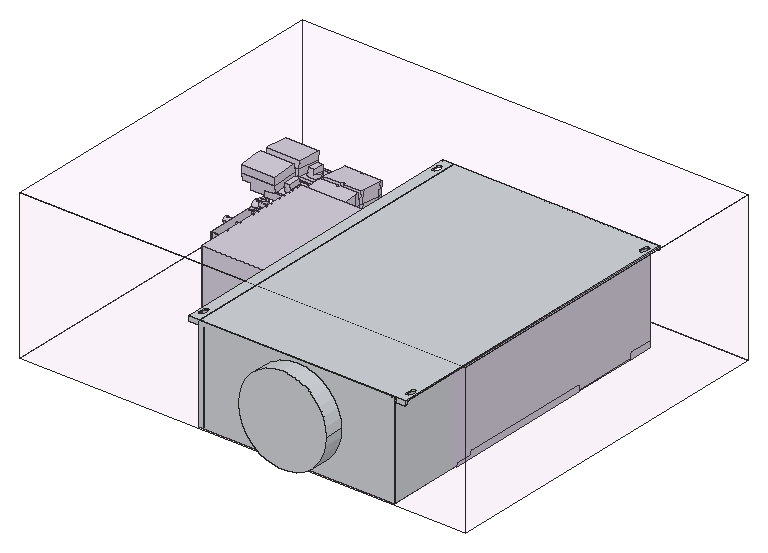
Revit family "04 - MAT270 - 250 DIS - Belimo ePIV Valves (With Bypass)", category Mechanical Equipment, host Ceiling, Revit 2018
Family settings
  Host = Ceiling
  Round Connector Dimension = Use Diameter
  Part Type = Normal
  OmniClass Number = 23.75.00.00
  OmniClass Title = Climate Control (HVAC)
  Always vertical = Yes
  Cut with Voids When Loaded = No
  Shared = No
  Room Calculation Point = No
Parameters (values of type "MAT270 - Size 100 LH")
  ∆P Htg Coil = 0.0 Pa
  ∆P Cooling Coil = 0.0 Pa
  Winter off Coil Temp. = 0 °C
  Winter Room Temp. = 0 °C
  Winter On Coil Temp. = 0 °C
  Winter Fresh Air Temp. = 0 °C
  URL = "http://www.abilityprojects.com/sites/www.abilityprojects.co.uk/files/EVO%20Brochure%20270235%20Jan%202013%20Ed4%20selection%20pages%20removed%20reduced_0.pdf"
  Temperature Controller = no
  Summer off Coil Temp. = 0 °C
  Summer Room Temp. = 0 °C
  Summer On Coil Temp. = 0 °C
  Summer Fresh Air Temp. = 0 °C
  Starting Method = "Soft Start"
  Discharge Spigot B In Use [instance] = no
  Intake Width = FCU Width - 86.00 mm  # 530.00 mm
  Intake Height = FCU Depth - 30.00 mm  # 240.00 mm
  Discharge Spigot A In Use [instance] = no
  Speed Selection Controller = no
  Specific Fan Power = 0
  Sound Transmission (NR) = 0
  Shipping Weight = 0.00 kg
  Room Air Temperature Sensor = no
  Right Side Clearance = if(RH Components Visible, Con Pan Length + 30.00 mm + Access Clearance Right, 10.00 mm)  # 10.00 mm
  Return Air Temperature Sensor = no
  RH Components Visible = no
  Product Model Number (Code) [instance] = ""
  Primary Filter = "G3"
  Pipe Connection Type = "Screw"
  Overall Width = FCU Width + Con Pan Length + 30.00 mm  # 1102.00 mm
  Overall Length = FCU Length  # 900.00 mm
  Overall Height = FCU Depth  # 270.00 mm
  Outlet Connection Width = 0.00 mm
  Outlet Connection Shape = "Circular"  # constant formula
  Outlet Connection Dia/Height = 250.00 mm  # constant formula
  Operating Weight = 0.00 kg
  No of Outlet Connections = 1
  Motor Type = "EC"
  Motor Enclosure Rating = "IP42"
  Model = "MAT270"  # constant formula
  Max Ext Press. = 0.0 Pa
  Mat Thickness Pos = 1.20 mm
  Mat Thickness Neg = -1 * Mat Thickness Pos  # -1.20 mm
  Manufacturer = "Ability Projects"
  Low Voltage Transformer = no
  Left Side Clearance = if(LH Components Visible, Con Pan Length + 30.00 mm + Access Clearance Left, 10.00 mm)  # 636.00 mm
  LTHW Coil Flow = 0.0 L/s
  LTHW Coil Connection Size = 15.00 mm
  LPHW Return Temp. = 0 °C
  LPHW Flow Temperature = 0 °C
  LH Components Visible = yes
  Internet Address = "http://www.abilityprojects.com"
  Inlet Plenum = no
  Inlet Connection Width = 0.00 mm
  Inlet Connection Shape = "N/A"
  Inlet Connection Dia/Height = 0.00 mm
  Incoming Supply Phase = 1
  Incoming Supply Electrical Voltage = 230 V
  Incoming Supply Electrical Frequency = 50 Hz
  Heating Coil Duty Range = 0 W
  Heating Coil Configuration [instance] = "LTHW"
  Heating Coil [instance] = yes
  Handing = "LH"
  Fan Type = "Double Inlet Centrifugal"
  FCU Width = 616.00 mm
  FCU Length = 900.00 mm
  FCU Drop [instance] = 150.00 mm
  FCU Depth = 270.00 mm
  Enclosure Height (Model) = Electrical Enclosure Height - Mat Thickness Pos  # 208.80 mm
  Enclosure Depth (Model) = Electrical Enclosure Depth - Mat Thickness Pos  # 213.80 mm
  Electrical Supply Current (Max) = 0 A
  Electrical Power Consumption = 0 W
  Electrical Enclosure Width = 350.00 mm
  Electrical Enclosure Height = 210.00 mm
  Electrical Enclosure Depth = 215.00 mm
  Earth Connector = yes
  Drain Cut Size = Drain Connection Size - 2.00 mm  # 13.00 mm
  Drain Connection Size = 15.00 mm
  Description = "Ceiling Mounted 270mm Deep Horizontal Fan Coil Unit"  # constant formula
  DS_B [instance] = if(S_No > 1, Discharge Spigot B In Use, if(and(S_No = 1, not(Discharge Spigot A In Use)), Discharge Spigot B In Use, 1 = 0))  # no
  DS_A [instance] = if(S_No > 1, Discharge Spigot A In Use, if(and(S_No = 1, not(Discharge Spigot B In Use)), Discharge Spigot A In Use, 1 = 0))  # no
  DS_5 [instance] = if(S_No < 5, 1 = 0, if(and(S_No = 5, DS_B), 1 = 0, 1 = 1))  # no
  DS_4 [instance] = if(S_No < 4, 1 = 0, if(and(S_No = 4, DS_B), 1 = 0, 1 = 1))  # no
  DS_3 [instance] = if(S_No < 3, 1 = 0, if(and(S_No = 3, DS_B), 1 = 0, 1 = 1))  # no
  DS_2 [instance] = if(S_No < 2, 1 = 0, if(and(S_No = 2, DS_B), 1 = 0, 1 = 1))  # no
  DS_1 [instance] = if(or(S_No < 1, DS_A), 1 = 0, if(and(S_No = 1, DS_B), 1 = 0, 1 = 1))  # yes
  Cooling Coil Duty (Total) = 0 W
  Cooling Coil Duty (Sensible) = 0 W
  Cooling Coil [instance] = yes
  Controls Connection = no
  Control Valves & Actuators = no
  Configuration = "Horizontal"
  Condensate Tray = yes
  Condensate Lift Pump [instance] = no
  Condensate Drain Max Flow = 0.0 L/s
  Condensate Drain Connection Size = Drain Connection Size  # 15.00 mm
  Con Pan Length = 156.00 mm + Con Pan Extension  # 456.00 mm
  Con Pan Extension = 300.00 mm  # constant formula
  Circular Spigot Spacing = round(((FCU Width - 60.00 mm) / S_No) / 5.00 mm) * 5.00 mm  # 555.00 mm
  Circular Spigot Position = if(S_No < 2, (FCU Width / 2), (FCU Width - (Circular Spigot Spacing * (S_No - 1))) / 2)  # 308.00 mm
  S_No = No of Outlet Connections  # 1
  Ch.W Coil Flow = 0.0 L/s
  Ch.W Coil Connection Size = 15.00 mm
  CHW Return Temp. = 0 °C
  CHW Flow Temp. = 0 °C
  BMS Addressable Controller = no
  Assembly Code = "D3050100"
  Air Flow Rate = 0.0 L/s
  Access Clearance Visible [instance] = yes
  Access Clearance Top = 0.00 mm
  Access Clearance Right = 150.00 mm
  Access Clearance Rear = 300.00 mm
  Access Clearance Left = 150.00 mm
  Access Clearance Front = 300.00 mm
  Access Clearance Bottom = 150.00 mm
Reference planes
  plane 1 "Center (Front/Back)": y = 0
  plane 2: z = 0
  plane 3 "Center (Left/Right)": x = 0
  plane 4 "Ceiling": z = 4000
  plane 5 "FCU Front": y = -450
  plane 6 "FCU End": y = 450
  plane 7 "FCU Left Side": x = -308
  plane 8 "FCU Right Side": x = 308
  plane 9 "Back Panel": z = 3850
  plane 10 "Access Panel": z = 3580
  plane 11: z = 3848.8
  plane 12 "Chassis Left": x = -278
  plane 13 "Chassis Right": x = 278
  plane 14 "Coil (Filter Side)": y = 377
  plane 15 "Coil (Fan Side)": y = 200
  plane 16 "Discharge Plenum": y = -240
  plane 17: y = 288.5
  plane 18 "Coil CLG": y = 321.5
  plane 19 "Coil HTG": y = 255.5
  plane 20 "Coil RET": z = 3690
  plane 21 "Coil FLOW": z = 3650
  plane 22: x = -388
  plane 23: x = -764
  plane 24: x = 388
  plane 25: x = 764
  plane 26: z = 3430
  plane 27: x = 0
  plane 28 "Spigot Centre Plan": z = 3715
Forms (mm)
  Extrusion 1, solid
    sketch origin (0, 0, 0) x (1, 0, 0) y (0, 1, 0)
      loop
        line (-308, 450) -> (-308, -448.8) -> (308, -448.8) -> (308, 450) -> (-308, 450)
    from 3848.8 to 3850
  Extrusion 2, solid
    sketch origin (308, -448.8, 0) x (-1, 0, 0) y (0, 0, -1)
      loop
        line (0, -3850) -> (616, -3850) -> (616, -3842)
        arc (616, -3842) -> (614.536, -3838.464) -> (611, -3837) r 5
        line (611, -3837) -> (5, -3837)
        arc (5, -3837) -> (1.464, -3838.464) -> (0, -3842) r 5
        line (0, -3842) -> (0, -3850)
    from 0 to -1.2 <- "Mat Thickness Neg"
  Extrusion 3, solid
    sketch origin (-308, 450, 0) x (1, 0, 0) y (0, 0, -1)
      loop
        line (0, -3850) -> (616, -3850) -> (616, -3842)
        arc (616, -3842) -> (614.536, -3838.464) -> (611, -3837) r 5
        line (611, -3837) -> (5, -3837)
        arc (5, -3837) -> (1.464, -3838.464) -> (0, -3842) r 5
        line (0, -3842) -> (0, -3850)
    from 0 to -1.2 <- "Mat Thickness Neg"
  Extrusion 4, solid
    sketch origin (278, 0, 0) x (0, 1, 0) y (0, 0, 1)
      loop
        line (-447.6, 3848.8) -> (-447.6, 3837) -> (-448.8, 3837) -> (-448.8, 3581.2) -> (450, 3581.2) -> (450, 3837) -> (448.8, 3837) -> (448.8, 3848.8) -> (-447.6, 3848.8)
    from 0 to 1.2 <- "Mat Thickness Pos"
  Extrusion 5, solid
    sketch origin (-278, 0, 0) x (0, 1, 0) y (0, 0, 1)
      loop
        line (-447.6, 3848.8) -> (-447.6, 3837) -> (-448.8, 3837) -> (-448.8, 3581.2) -> (450, 3581.2) -> (450, 3837) -> (448.8, 3837) -> (448.8, 3848.8) -> (-447.6, 3848.8)
    from 0 to -1.2 <- "Mat Thickness Neg"
  Extrusion 6, solid
    sketch origin (278, -447.6, 3848.8) x (0, 1, 0) y (-1, 0, 0)
      loop
        line (896.4, 0) -> (0, 0) -> (0, -25)
        arc (0, -25) -> (1.464, -28.536) -> (5, -30) r 5
        line (5, -30) -> (891.4, -30)
        arc (891.4, -30) -> (894.936, -28.536) -> (896.4, -25) r 5
        line (896.4, -25) -> (896.4, 0)
    from 0 to -1.2 <- "Mat Thickness Neg"
  Extrusion 7, solid
    sketch origin (-278, -447.6, 3848.8) x (0, 1, 0) y (-1, 0, 0)
      loop
        line (0, 0) -> (896.4, 0) -> (896.4, 25)
        arc (896.4, 25) -> (894.936, 28.536) -> (891.4, 30) r 5
        line (891.4, 30) -> (5, 30)
        arc (5, 30) -> (1.464, 28.536) -> (0, 25) r 5
        line (0, 25) -> (0, 0)
    from 0 to -1.2
  Extrusion 8, solid
    sketch origin (279.2, 0, 0) x (0, 1, 0) y (0, 0, 1)
      loop
        line (-448.8, 3837) -> (-448.8, 3581.2) -> (450, 3581.2) -> (450, 3837) -> (448.8, 3837) -> (448.8, 3582.4) -> (-447.6, 3582.4) -> (-447.6, 3837) -> (-448.8, 3837)
    from 0 to -14
  Extrusion 9, solid
    sketch origin (-279.2, 0, 0) x (0, -1, 0) y (0, 0, 1)
      loop
        line (-450, 3837) -> (-450, 3581.2) -> (448.8, 3581.2) -> (448.8, 3837) -> (447.6, 3837) -> (447.6, 3582.4) -> (-448.8, 3582.4) -> (-448.8, 3837) -> (-450, 3837)
    from 0 to -14
  Extrusion 10, solid
    sketch origin (308, -448.8, 0) x (-1, 0, 0) y (0, 0, -1)
      loop
        arc (581, -3848.8) -> (584.536, -3847.336) -> (586, -3843.8) r 5
        line (586, -3843.8) -> (586, -3581.2) -> (30, -3581.2) -> (30, -3843.8)
        arc (30, -3843.8) -> (31.464, -3847.336) -> (35, -3848.8) r 5
        line (35, -3848.8) -> (581, -3848.8)
    from 0 to 1.2
  Extrusion 11, solid
    sketch origin (278, -448.8, 3581.2) x (0, 1, 0) y (1, 0, 0)
      loop
        line (208.8, -551) -> (208.8, -5)
        arc (208.8, -5) -> (207.336, -1.464) -> (203.8, 0) r 5
        line (203.8, 0) -> (-1.2, 0) -> (-1.2, -556) -> (203.8, -556)
        arc (203.8, -556) -> (207.336, -554.536) -> (208.8, -551) r 5
    from 0 to 1.2
  Extrusion 12, solid
    sketch origin (-273, -240, 3581.2) x (1, 0, 0) y (0, 0, -1)
      loop
        line (537.2, 1.2) -> (8.8, 1.2) -> (8.8, -13.8) -> (537.2, -13.8) -> (537.2, 1.2)
    from 0 to -1.2 <- "Mat Thickness Neg"
  Extrusion 13, solid
    sketch origin (278, -448.8, 3580) x (-1, 0, 0) y (0, 1, 0)
      loop
        line (557.2, 213.8) -> (557.2, 645.8) -> (-1.2, 645.8) -> (-1.2, 213.8) -> (557.2, 213.8)
    from 0 to -1.2
  Extrusion 14, solid
    sketch origin (-279.2, -235, 3580) x (1, 0, 0) y (0, 0, 1)
      loop
        line (15, 0) -> (543.4, 0) -> (543.4, 16) -> (15, 16) -> (15, 0)
    from 0 to 1.2 <- "Mat Thickness Pos"
  Extrusion 15, solid
    sketch origin (264.2, -235, 3596) x (-1, 0, 0) y (0, -1, 0)
      loop
        line (528.4, 0) -> (528.4, 7)
        arc (528.4, 7) -> (526.936, 10.536) -> (523.4, 12) r 5
        line (523.4, 12) -> (5, 12)
        arc (5, 12) -> (1.464, 10.536) -> (0, 7) r 5
        line (0, 7) -> (0, 0) -> (528.4, 0)
    from 0 to 1.2 <- "Mat Thickness Pos"
  Extrusion 16, solid
    sketch origin (279.2, 197, 3580) x (-1, 0, 0) y (0, 0, 1)
      loop
        line (15, 0) -> (543.4, 0) -> (543.4, 35) -> (15, 35) -> (15, 0)
    from 0 to 1.2 <- "Mat Thickness Pos"
  Extrusion 17, solid
    sketch origin (-264.2, 197, 3615) x (1, 0, 0) y (0, 1, 0)
      loop
        line (0, 1.2) -> (0, -7)
        arc (0, -7) -> (1.464, -10.536) -> (5, -12) r 5
        line (5, -12) -> (523.4, -12)
        arc (523.4, -12) -> (526.936, -10.536) -> (528.4, -7) r 5
        line (528.4, -7) -> (528.4, 1.2) -> (0, 1.2)
    from 0 to -1.2 <- "Mat Thickness Neg"
  Extrusion 18, solid
    sketch origin (279.2, -235, 3580) x (0, 1, 0) y (0, 0, 1)
      loop
        line (0, 0) -> (432, 0) -> (432, 13)
        arc (432, 13) -> (430.536, 16.536) -> (427, 18) r 5
        line (427, 18) -> (55, 18)
        arc (55, 18) -> (51.464, 16.536) -> (50, 13) r 5
        line (50, 13) -> (50, 9.5)
        arc (50, 9.5) -> (49.268, 7.732) -> (47.5, 7) r 2.5
        line (47.5, 7) -> (5, 7)
        arc (5, 7) -> (1.464, 5.536) -> (0, 2) r 5
        line (0, 2) -> (0, 0)
    from 0 to 1.2 <- "Mat Thickness Pos"
  Extrusion 19, solid
    sketch origin (-279.2, 197, 3580) x (0, -1, 0) y (0, 0, 1)
      loop
        line (432, 0) -> (432, 2)
        arc (432, 2) -> (430.536, 5.536) -> (427, 7) r 5
        line (427, 7) -> (384.5, 7)
        arc (384.5, 7) -> (382.732, 7.732) -> (382, 9.5) r 2.5
        line (382, 9.5) -> (382, 13)
        arc (382, 13) -> (380.536, 16.536) -> (377, 18) r 5
        line (377, 18) -> (5, 18)
        arc (5, 18) -> (1.464, 16.536) -> (0, 13) r 5
        line (0, 13) -> (0, 0) -> (432, 0)
    from 0 to 1.2 <- "Mat Thickness Pos"
  Extrusion 20, solid
    sketch origin (278, -448.8, 3581.2) x (1, 0, 0) y (0, -1, 0)
      loop
        line (-557.2, -897.6) -> (1.2, -897.6) -> (1.2, -828.8) -> (-557.2, -828.8) -> (-557.2, -897.6)
    from 0 to 1.2
  Extrusion 21, solid
    sketch origin (279.2, 380, 3581.2) x (-1, 0, 0) y (0, 0, -1)
      loop
        line (543.4, 1.2) -> (15, 1.2) -> (15, -33.8) -> (543.4, -33.8) -> (543.4, 1.2)
    from 0 to 1.2 <- "Mat Thickness Pos"
  Extrusion 22, solid
    sketch origin (-279.2, 448.8, 3581.2) x (1, 0, 0) y (0, 0, -1)
      loop
        line (543.4, 1.2) -> (15, 1.2) -> (15, -12.8) -> (543.4, -12.8) -> (543.4, 1.2)
    from 0 to 1.2
  Extrusion 23, solid
    sketch origin (279.2, 448.8, 3581.2) x (0, -1, 0) y (0, 0, -1)
      loop
        line (68.8, -11.8) -> (68.8, 1.2) -> (0, 1.2) -> (0, -11.8)
        arc (0, -11.8) -> (1.464, -15.336) -> (5, -16.8) r 5
        line (5, -16.8) -> (63.8, -16.8)
        arc (63.8, -16.8) -> (67.336, -15.336) -> (68.8, -11.8) r 5
    from 0 to 1.2 <- "Mat Thickness Pos"
  Extrusion 24, solid
    sketch origin (-279.2, 380, 3581.2) x (0, 1, 0) y (0, 0, -1)
      loop
        line (68.8, 1.2) -> (0, 1.2) -> (0, -11.8)
        arc (0, -11.8) -> (1.464, -15.336) -> (5, -16.8) r 5
        line (5, -16.8) -> (63.8, -16.8)
        arc (63.8, -16.8) -> (67.336, -15.336) -> (68.8, -11.8) r 5
        line (68.8, -11.8) -> (68.8, 1.2)
    from 0 to 1.2 <- "Mat Thickness Pos"
  Extrusion 25, solid, visible <- "RH Components Visible"
    sketch origin (0, 200, 0) x (-1, 0, 0) y (0, 0, 1)
      loop
        line (-308, 3847.6) -> (-308, 3605)
        arc (-308, 3605) -> (-306.536, 3601.464) -> (-303, 3600) r 5
        line (-303, 3600) -> (-279.2, 3600) -> (-279.2, 3847.6) -> (-308, 3847.6)
    from 0 to -1.2 <- "Mat Thickness Neg"
  Extrusion 26, solid, visible <- "RH Components Visible"
    sketch origin (0, 377, 0) x (-1, 0, 0) y (0, 0, 1)
      loop
        line (-303, 3600) -> (-279.2, 3600) -> (-279.2, 3847.6) -> (-308, 3847.6) -> (-308, 3605)
        arc (-308, 3605) -> (-306.536, 3601.464) -> (-303, 3600) r 5
    from 0 to 1.2 <- "Mat Thickness Pos"
  Extrusion 27, solid, visible <- "LH Components Visible"
    sketch origin (0, 200, 0) x (-1, 0, 0) y (0, 0, 1)
      loop
        line (279.2, 3847.6) -> (279.2, 3600) -> (303, 3600)
        arc (303, 3600) -> (306.536, 3601.464) -> (308, 3605) r 5
        line (308, 3605) -> (308, 3847.6) -> (279.2, 3847.6)
    from 0 to -1.2
  Extrusion 28, solid, visible <- "LH Components Visible"
    sketch origin (0, 377, 0) x (-1, 0, 0) y (0, 0, 1)
      loop
        line (279.2, 3847.6) -> (279.2, 3600) -> (303, 3600)
        arc (303, 3600) -> (306.536, 3601.464) -> (308, 3605) r 5
        line (308, 3605) -> (308, 3847.6) -> (279.2, 3847.6)
    from 0 to 1.2
  Extrusion 29, solid, visible <- "LH Components Visible"
    sketch origin (-279.2, 0, 0) x (0, -1, 0) y (0, 0, 1)
      loop
        line (-335.5, 3847.6) -> (-335.5, 3615) -> (-241.5, 3615) -> (-241.5, 3847.6) -> (-335.5, 3847.6)
    from 0 to 10
  Extrusion 30, solid, visible <- "LH Components Visible"
    sketch origin (-289.2, 0, 0) x (0, -1, 0) y (0, 0, 1)
      loop
        circle (-321.5, 3650) r 7.5
      loop
        circle (-321.5, 3690) r 7.5
      loop
        circle (-255.5, 3690) r 7.5
      loop
        circle (-255.5, 3650) r 7.5
    from 0 to 35
  Extrusion 31, solid, visible <- "LH Components Visible"
    sketch origin (-324.2, 0, 0) x (0, -1, 0) y (0, 0, 1)
      loop
        line (-241.5, 3641) -> (-241.5, 3699) -> (-246.5, 3704) -> (-330.5, 3704) -> (-335.5, 3699) -> (-335.5, 3641) -> (-330.5, 3636) -> (-246.5, 3636) -> (-241.5, 3641)
    from 0 to -1.2 <- "Mat Thickness Neg"
  Extrusion 32, solid, visible <- "LH Components Visible"
    sketch origin (-324.2, 0, 0) x (0, -1, 0) y (0, 0, 1)
      loop
        circle (-321.5, 3690) r 7.5
      loop
        circle (-321.5, 3690) r 6.5
      loop
        circle (-321.5, 3650) r 7.5
      loop
        circle (-321.5, 3650) r 6.5
      loop
        circle (-255.5, 3650) r 7.5
      loop
        circle (-255.5, 3650) r 6.5
      loop
        circle (-255.5, 3690) r 7.5
      loop
        circle (-255.5, 3690) r 6.5
    from 0 to 63.8
  Extrusion 33, solid, visible <- "LH Components Visible"
    sketch origin (-279.2, 0, 0) x (0, -1, 0) y (0, 0, 1)
      loop
        line (-377, 3618.5) -> (-377, 3592.5) -> (-200, 3592.5) -> (-200, 3618.5) -> (-201.2, 3618.5) -> (-201.2, 3593.7) -> (-375.8, 3593.7) -> (-375.8, 3618.5) -> (-377, 3618.5)
    from 0 to 484.8
  Extrusion 34, solid, visible <- "LH Components Visible"
    sketch origin (-764, 0, 0) x (0, -1, 0) y (0, 0, 1)
      loop
        line (-377, 3592.5) -> (-200, 3592.5) -> (-200, 3618.5) -> (-377, 3618.5) -> (-377, 3592.5)
    from 0 to -1.2
  Extrusion 35, void
    sketch origin (-764, 0, 0) x (0, 1, 0) y (0, 0, 1)
      loop
        circle (288.5, 3600.2) r 6.5
    from 0 to 1.2
  Extrusion 36, solid, visible <- "RH Components Visible"
    sketch origin (279.2, 0, 0) x (0, 1, 0) y (0, 0, 1)
      loop
        line (241.5, 3847.6) -> (241.5, 3615) -> (335.5, 3615) -> (335.5, 3847.6) -> (241.5, 3847.6)
    from 0 to 10
  Extrusion 37, solid, visible <- "RH Components Visible"
    sketch origin (289.2, 0, 0) x (0, 1, 0) y (0, 0, 1)
      loop
        circle (321.5, 3690) r 7.5
      loop
        circle (255.5, 3690) r 7.5
      loop
        circle (321.5, 3650) r 7.5
      loop
        circle (255.5, 3650) r 7.5
    from 0 to 35
  Extrusion 38, solid, visible <- "RH Components Visible"
    sketch origin (324.2, 0, 0) x (0, 1, 0) y (0, 0, 1)
      loop
        line (330.5, 3704) -> (246.5, 3704) -> (241.5, 3699) -> (241.5, 3641) -> (246.5, 3636) -> (330.5, 3636) -> (335.5, 3641) -> (335.5, 3699) -> (330.5, 3704)
    from 0 to -1.2 <- "Mat Thickness Neg"
  Extrusion 39, solid, visible <- "RH Components Visible"
    sketch origin (324.2, 0, 0) x (0, 1, 0) y (0, 0, 1)
      loop
        circle (255.5, 3690) r 7.5
      loop
        circle (255.5, 3690) r 6.5
      loop
        circle (321.5, 3690) r 7.5
      loop
        circle (321.5, 3690) r 6.5
      loop
        circle (255.5, 3650) r 7.5
      loop
        circle (255.5, 3650) r 6.5
      loop
        circle (321.5, 3650) r 7.5
      loop
        circle (321.5, 3650) r 6.5
    from 0 to 63.8
  Extrusion 40, solid, visible <- "RH Components Visible"
    sketch origin (279.2, 0, 0) x (0, 1, 0) y (0, 0, 1)
      loop
        line (200, 3592.5) -> (377, 3592.5) -> (377, 3618.5) -> (375.8, 3618.5) -> (375.8, 3593.7) -> (201.2, 3593.7) -> (201.2, 3618.5) -> (200, 3618.5) -> (200, 3592.5)
    from 0 to 484.8
  Extrusion 41, solid, visible <- "RH Components Visible"
    sketch origin (764, 0, 0) x (0, 1, 0) y (0, 0, 1)
      loop
        line (200, 3592.5) -> (377, 3592.5) -> (377, 3618.5) -> (200, 3618.5) -> (200, 3592.5)
    from 0 to -1.2
  Extrusion 42, void
    sketch origin (764, 0, 0) x (0, -1, 0) y (0, 0, 1)
      loop
        circle (-288.5, 3600.2) r 6.5
    from 0 to 1.2
  Extrusion 43, solid, visible <- "LH Components Visible"
    sketch origin (-764, 0, 0) x (0, -1, 0) y (0, 0, 1)
      loop
        circle (-288.5, 3600.2) r 6.5
      loop
        circle (-288.5, 3600.2) r 7.5
    from 0 to 30
  Extrusion 44, solid, visible <- "RH Components Visible"
    sketch origin (764, 0, 0) x (0, 1, 0) y (0, 0, 1)
      loop
        circle (288.5, 3600.2) r 6.5
      loop
        circle (288.5, 3600.2) r 7.5
    from 0 to 30
  Extrusion 45, solid
    sketch origin (-279.2, 450, 3581.2) x (1, 0, 0) y (0, 0, -1)
      loop
        line (14, -12.8) -> (14, -255.8) -> (544.4, -255.8) -> (544.4, -12.8) -> (14, -12.8)
    from 0 to -1.2
  Extrusion 46, solid, visible <- "RH Components Visible"
    sketch origin (279.2, 0, 0) x (0, 1, 0) y (0, 0, 1)
      loop
        line (-170, 3840) -> (-170, 3631.2) -> (180, 3631.2) -> (180, 3840) -> (-170, 3840)
    from 0 to 213.8 <- "Enclosure Depth (Model)"
  Extrusion 47, solid, visible <- "RH Components Visible"
    sketch origin (493, 0, 0) x (0, 1, 0) y (0, 0, 1)
      loop
        line (-170, 3833.8) -> (-170, 3631.2) -> (180, 3631.2) -> (180, 3833.8)
        arc (180, 3833.8) -> (178.536, 3837.336) -> (175, 3838.8) r 5
        line (175, 3838.8) -> (-165, 3838.8)
        arc (-165, 3838.8) -> (-168.536, 3837.336) -> (-170, 3833.8) r 5
    from 0 to 1.2 <- "Mat Thickness Pos"
  Extrusion 48, solid, visible <- "RH Components Visible"
    sketch origin (493, -170, 3631.2) x (1, 0, 0) y (0, -1, 0)
      loop
        line (1.2, -350) -> (1.2, 0) -> (-153.8, 0)
        arc (-153.8, 0) -> (-157.336, -1.464) -> (-158.8, -5) r 5
        line (-158.8, -5) -> (-158.8, -345)
        arc (-158.8, -345) -> (-157.336, -348.536) -> (-153.8, -350) r 5
        line (-153.8, -350) -> (1.2, -350)
    from 0 to 1.2 <- "Mat Thickness Pos"
  Extrusion 49, solid, visible <- "LH Components Visible"
    sketch origin (-279.2, 0, 0) x (0, -1, 0) y (0, 0, 1)
      loop
        line (170, 3840) -> (-180, 3840) -> (-180, 3631.2) -> (170, 3631.2) -> (170, 3840)
    from 0 to 213.8 <- "Enclosure Depth (Model)"
  Extrusion 50, solid, visible <- "LH Components Visible"
    sketch origin (-493, 0, 0) x (0, -1, 0) y (0, 0, 1)
      loop
        line (165, 3838.8) -> (-175, 3838.8)
        arc (-175, 3838.8) -> (-178.536, 3837.336) -> (-180, 3833.8) r 5
        line (-180, 3833.8) -> (-180, 3631.2) -> (170, 3631.2) -> (170, 3833.8)
        arc (170, 3833.8) -> (168.536, 3837.336) -> (165, 3838.8) r 5
    from 0 to 1.2 <- "Mat Thickness Pos"
  Extrusion 51, solid, visible <- "LH Components Visible"
    sketch origin (-279.2, 180, 3631.2) x (-1, 0, 0) y (0, 1, 0)
      loop
        line (215, 0) -> (60, 0)
        arc (60, 0) -> (56.464, -1.464) -> (55, -5) r 5
        line (55, -5) -> (55, -345)
        arc (55, -345) -> (56.464, -348.536) -> (60, -350) r 5
        line (60, -350) -> (215, -350) -> (215, 0)
    from 0 to 1.2 <- "Mat Thickness Pos"
  Extrusion 52, solid, visible <- "LH Components Visible"
    sketch origin (279.2, 180, 3631.2) x (-1, 0, 0) y (0, 1, 0)
      loop
        line (609.25, -276) -> (577.25, -276) -> (577.25, -290) -> (609.25, -290) -> (609.25, -276)
    from 0 to 2
  Extrusion 53, solid, visible <- "LH Components Visible"
    sketch origin (279.2, 180, 3629.2) x (0, -1, 0) y (-1, 0, 0)
      loop
        line (278.8, 606.25) -> (278.8, 580.25) -> (287.2, 580.25) -> (287.2, 606.25) -> (278.8, 606.25)
    from 0 to 5
  Extrusion 54, void
    sketch origin (-301.05, -107.2, 3629.2) x (1, 0, 0) y (0, 0, -1)
      loop
        line (-6.95, 4) -> (0, 1.5) -> (0, 5) -> (-26, 5) -> (-26, 1) -> (-8.95, 4) -> (-6.95, 4)
    from 0 to 8.4
  Extrusion 55, solid, visible <- "RH Components Visible"
    sketch origin (279.2, 180, 3631.2) x (-1, 0, 0) y (0, 1, 0)
      loop
        line (-18.85, -60) -> (-50.85, -60) -> (-50.85, -74) -> (-18.85, -74) -> (-18.85, -60)
    from 0 to 2
  Extrusion 56, solid, visible <- "RH Components Visible"
    sketch origin (279.2, 180, 3629.2) x (0, -1, 0) y (-1, 0, 0)
      loop
        line (62.8, -21.85) -> (62.8, -47.85) -> (71.2, -47.85) -> (71.2, -21.85) -> (62.8, -21.85)
    from 0 to 5
  Extrusion 57, void
    sketch origin (327.05, 108.8, 3629.2) x (1, 0, 0) y (0, 0, -1)
      loop
        line (-19.05, 4) -> (-17.05, 4) -> (0, 1) -> (0, 5) -> (-26, 5) -> (-26, 1.5) -> (-19.05, 4)
    from 0 to 8.4
  Extrusion 58, void
    sketch origin (-279.2, 180, 3631.2) x (0, 1, 0) y (-1, 0, 0)
      loop
        circle (-319, 43) r 7.95
      loop
        circle (-31, 43) r 7.95
      loop
        circle (-86, 35) r 10.5
      loop
        circle (-134, 35) r 7.95
    from 0 to 1.2 <- "Mat Thickness Pos"
  Extrusion 59, void
    sketch origin (279.2, 180, 3631.2) x (0, 1, 0) y (-1, 0, 0)
      loop
        circle (-319, -43) r 7.95
      loop
        circle (-31, -43) r 7.95
      loop
        circle (-264, -35) r 10.5
      loop
        circle (-216, -35) r 7.95
    from 0 to 1.2 <- "Mat Thickness Pos"
  Extrusion 60, solid
    sketch origin (278, -448.8, 3580) x (0, -1, 0) y (-1, 0, 0)
      loop
        line (-825.8, 557.2) -> (-825.8, -1.2) -> (-648.8, -1.2) -> (-648.8, 557.2) -> (-825.8, 557.2)
    from 0 to -1.2
  Extrusion 61, void
    sketch origin (308, -448.8, 3850) x (0, -1, 0) y (-1, 0, 0)
      loop
        line (-29.3, 21.25) -> (-43.3, 21.25)
        arc (-43.3, 21.25) -> (-50.05, 14.5) -> (-43.3, 7.75) r 6.75
        line (-43.3, 7.75) -> (-29.3, 7.75)
        arc (-29.3, 7.75) -> (-22.55, 14.5) -> (-29.3, 21.25) r 6.75
      loop
        line (-29.3, 608.25) -> (-43.3, 608.25)
        arc (-43.3, 608.25) -> (-50.05, 601.5) -> (-43.3, 594.75) r 6.75
        line (-43.3, 594.75) -> (-29.3, 594.75)
        arc (-29.3, 594.75) -> (-22.55, 601.5) -> (-29.3, 608.25) r 6.75
      loop
        line (-854.3, 21.25) -> (-868.3, 21.25)
        arc (-868.3, 21.25) -> (-875.05, 14.5) -> (-868.3, 7.75) r 6.75
        line (-868.3, 7.75) -> (-854.3, 7.75)
        arc (-854.3, 7.75) -> (-847.55, 14.5) -> (-854.3, 21.25) r 6.75
      loop
        line (-854.3, 608.25) -> (-868.3, 608.25)
        arc (-868.3, 608.25) -> (-875.05, 601.5) -> (-868.3, 594.75) r 6.75
        line (-868.3, 594.75) -> (-854.3, 594.75)
        arc (-854.3, 594.75) -> (-847.55, 601.5) -> (-854.3, 608.25) r 6.75
    from 0 to 2.4
  Extrusion 62, solid, material "Access Zone", visible <- "Access Clearance Visible"
    sketch origin (0, 0, 0) x (1, 0, 0) y (0, 1, 0)
      loop
        line (-944, 750) -> (-944, -250) -> (318, -250) -> (318, 750) -> (-944, 750)
    from 3430 to 3850
Cuts and joins
  Extrusion 61 cuts Extrusion 1
  Extrusion 61 cuts Extrusion 2
  Extrusion 61 cuts Extrusion 3
  joined: Extrusion 1, Extrusion 2, Extrusion 3
  Extrusion 42, Extrusion 61 cuts Extrusion 4
  Extrusion 42, Extrusion 61 cuts Extrusion 6
  Extrusion 42, Extrusion 61 cuts Extrusion 8
  joined: Extrusion 4, Extrusion 6, Extrusion 8
  Extrusion 35, Extrusion 61 cuts Extrusion 5
  Extrusion 35, Extrusion 61 cuts Extrusion 7
  Extrusion 35, Extrusion 61 cuts Extrusion 9
  joined: Extrusion 5, Extrusion 7, Extrusion 9
  joined: Extrusion 10, Extrusion 11, Extrusion 12
  joined: Extrusion 13, Extrusion 14, Extrusion 15, Extrusion 16, Extrusion 17, Extrusion 18, Extrusion 19
  joined: Extrusion 20, Extrusion 21, Extrusion 22, Extrusion 23, Extrusion 24
  joined: Extrusion 30, Extrusion 31, Extrusion 32
  Extrusion 35 cuts Extrusion 33
  Extrusion 35 cuts Extrusion 34
  joined: Extrusion 33, Extrusion 34
  joined: Extrusion 37, Extrusion 38, Extrusion 39
  Extrusion 42 cuts Extrusion 40
  Extrusion 42 cuts Extrusion 41
  joined: Extrusion 40, Extrusion 41
  joined: Extrusion 47, Extrusion 48
  joined: Extrusion 50, Extrusion 51
  Extrusion 54 cuts Extrusion 53
  Extrusion 57 cuts Extrusion 56
  Extrusion 58 cuts Extrusion 49
  Extrusion 59 cuts Extrusion 46
Dimensions and locks
  equal spacing: host sketch curve, plane 3 "Center (Left/Right)", host sketch curve
  equal spacing: host sketch curve, plane 1 "Center (Front/Back)", host sketch curve
  host sketch curve to host sketch curve = 4000.00 mm  (x2)
  plane 4 "Ceiling" to host ceiling = 0.00 mm
  equal spacing: plane 6 "FCU End", plane 1 "Center (Front/Back)", plane 5 "FCU Front"
  "FCU Length": plane 6 "FCU End" to plane 5 "FCU Front"
  equal spacing: plane 7 "FCU Left Side", plane 3 "Center (Left/Right)", plane 8 "FCU Right Side"
  "FCU Width": plane 7 "FCU Left Side" to plane 8 "FCU Right Side"
  "Mat Thickness Pos": Extrusion 1 sketch curve to plane 5 "FCU Front"
  "FCU Drop": plane 4 "Ceiling" to plane 9 "Back Panel"
  "FCU Depth": plane 9 "Back Panel" to plane 10 "Access Panel"
  "Mat Thickness Pos": plane 9 "Back Panel" to plane 11
  locked: Extrusion 1 to Extrusion 2 sketch curve at 13
  locked: plane 7 "FCU Left Side" to plane 12 "Chassis Left" at 30
  locked: plane 13 "Chassis Right" to plane 8 "FCU Right Side" at 30
  locked: Extrusion 4 sketch curve to plane 9 "Back Panel" at 13
  "Mat Thickness Pos": plane 10 "Access Panel" to Extrusion 4 sketch curve
  "Mat Thickness Pos": cut or joined group of Extrusion 4, Extrusion 6, Extrusion 8, Extrusion 42, Extrusion 61 to Extrusion 8 sketch curve
  locked: plane 6 "FCU End" to plane 14 "Coil (Filter Side)" at 73
  locked: plane 14 "Coil (Filter Side)" to plane 15 "Coil (Fan Side)" at 177
  locked: plane 15 "Coil (Fan Side)" to plane 16 "Discharge Plenum" at 440
  locked: cut or joined group of Extrusion 10, Extrusion 11, Extrusion 12 to Extrusion 12 sketch curve at 15
  locked: cut or joined group of Extrusion 5, Extrusion 7, Extrusion 9, Extrusion 35, Extrusion 61 to Extrusion 12 sketch curve at 1
  locked: Extrusion 12 sketch curve to cut or joined group of Extrusion 4, Extrusion 6, Extrusion 8, Extrusion 42, Extrusion 61 at 1
  locked: Extrusion 13 sketch curve to plane 16 "Discharge Plenum" at 5
  locked: plane 15 "Coil (Fan Side)" to Extrusion 13 sketch curve at 3
  locked: Extrusion 14 sketch curve to plane 10 "Access Panel" at 16
  locked: Extrusion 14 to Extrusion 15 sketch curve at 12
  locked: cut or joined group of Extrusion 13, Extrusion 14, Extrusion 15, Extrusion 16, Extrusion 17, Extrusion 18, Extrusion 19 to Extrusion 16 sketch curve at 35
  locked: Extrusion 16 to Extrusion 17 sketch curve at 13.2
  locked: cut or joined group of Extrusion 13, Extrusion 14, Extrusion 15, Extrusion 16, Extrusion 17, Extrusion 18, Extrusion 19 to Extrusion 18 sketch curve at 18
  locked: cut or joined group of Extrusion 13, Extrusion 14, Extrusion 15, Extrusion 16, Extrusion 17, Extrusion 18, Extrusion 19 to Extrusion 18 sketch curve at 50
  locked: cut or joined group of Extrusion 13, Extrusion 14, Extrusion 15, Extrusion 16, Extrusion 17, Extrusion 18, Extrusion 19 to Extrusion 18 sketch curve at 7
  locked: Extrusion 20 sketch curve to plane 14 "Coil (Filter Side)" at 3
  locked: cut or joined group of Extrusion 20, Extrusion 21, Extrusion 22, Extrusion 23, Extrusion 24 to Extrusion 22 sketch curve at 14
  locked: plane 10 "Access Panel" to Extrusion 25 sketch curve at 20
  equal spacing: plane 14 "Coil (Filter Side)", plane 17, plane 15 "Coil (Fan Side)"
  equal spacing: plane 18 "Coil CLG", plane 17, plane 19 "Coil HTG"
  locked: plane 21 "Coil FLOW" to Extrusion 29 sketch curve at 35
  locked: Extrusion 29 sketch curve to Extrusion 29 sketch curve at 94
  equal spacing: Extrusion 29 sketch curve, plane 17, Extrusion 29 sketch curve
  locked: Extrusion 31 sketch curve to plane 21 "Coil FLOW" at 14
  locked: plane 20 "Coil RET" to Extrusion 31 sketch curve at 14
  locked: Extrusion 31 sketch curve to Extrusion 31 sketch curve at 5  (x4)
  locked: Extrusion 29 to Extrusion 31 sketch curve at 5  (x2)
  locked: Extrusion 31 sketch curve to Extrusion 29 at 5  (x2)
  locked: plane 22 to plane 12 "Chassis Left" at 110
  "Con Pan Length": plane 23 to plane 7 "FCU Left Side"
  locked: plane 13 "Chassis Right" to plane 24 at 110
  "Con Pan Length": plane 8 "FCU Right Side" to plane 25
  locked: Extrusion 33 sketch curve to Extrusion 33 sketch curve at 26
  locked: Extrusion 33 sketch curve to Extrusion 29 at 22.5
  locked: Extrusion 33 sketch curve to Extrusion 33 sketch curve at 1.2
  locked: Extrusion 28 to Extrusion 33 sketch curve at 1.2
  locked: Extrusion 33 sketch curve to Extrusion 27 at 1.2
  locked: cut or joined group of Extrusion 33, Extrusion 34, Extrusion 35 to Extrusion 35 sketch curve at 1.2
  locked: Extrusion 46 sketch curve to cut or joined group of Extrusion 1, Extrusion 2, Extrusion 3, Extrusion 61 at 10
  locked: Extrusion 46 sketch curve to Extrusion 25 at 20
  "Electrical Enclosure Width": Extrusion 46 sketch curve to Extrusion 46 sketch curve
  "Enclosure Height (Model)": Extrusion 46 sketch curve to Extrusion 46 sketch curve
  "Mat Thickness Pos": Extrusion 46 to Extrusion 47 sketch curve
  locked: cut or joined group of Extrusion 4, Extrusion 6, Extrusion 8, Extrusion 42, Extrusion 61 to Extrusion 48 sketch curve at 55
  locked: Extrusion 51 sketch curve to cut or joined group of Extrusion 5, Extrusion 7, Extrusion 9, Extrusion 35, Extrusion 61 at 55
  locked: Extrusion 49 to Extrusion 52 sketch curve at 60
  locked: Extrusion 52 sketch curve to Extrusion 52 sketch curve at 14
  locked: Extrusion 52 sketch curve to Extrusion 52 sketch curve at 32
  locked: Extrusion 52 sketch curve to cut or joined group of Extrusion 5, Extrusion 7, Extrusion 9, Extrusion 35, Extrusion 61 at 18.85
  locked: Extrusion 52 to Extrusion 53 sketch curve at 3
  locked: Extrusion 53 sketch curve to Extrusion 52 at 3
  locked: Extrusion 53 sketch curve to Extrusion 52 at 2.8  (x2)
  locked: plane 7 "FCU Left Side" to Extrusion 54 sketch curve at 2
  locked: Extrusion 49 to Extrusion 54 sketch curve at 6
  locked: Extrusion 49 to Extrusion 54 sketch curve at 3.5
  locked: Extrusion 49 to Extrusion 54 sketch curve at 3
  locked: Extrusion 46 to Extrusion 55 sketch curve at 60
  locked: Extrusion 55 sketch curve to Extrusion 55 sketch curve at 14
  locked: cut or joined group of Extrusion 4, Extrusion 6, Extrusion 8, Extrusion 42, Extrusion 61 to Extrusion 55 sketch curve at 18.85
  locked: Extrusion 55 sketch curve to Extrusion 55 sketch curve at 32
  locked: Extrusion 56 sketch curve to Extrusion 55 at 2.8
  locked: Extrusion 55 to Extrusion 56 sketch curve at 2.8
  locked: Extrusion 56 sketch curve to Extrusion 55 at 3
  locked: Extrusion 55 to Extrusion 56 sketch curve at 3
  locked: Extrusion 46 to Extrusion 57 sketch curve at 6
  locked: Extrusion 57 sketch curve to plane 8 "FCU Right Side" at 2
  locked: Extrusion 46 to Extrusion 57 sketch curve at 3.5
  locked: Extrusion 46 to Extrusion 57 sketch curve at 3
  locked: Extrusion 58 sketch curve to cut or joined group of Extrusion 5, Extrusion 7, Extrusion 9, Extrusion 35, Extrusion 61 at 43  (x2)
  locked: Extrusion 49 to Extrusion 58 sketch curve at 31  (x2)
  locked: Extrusion 58 sketch curve to cut or joined group of Extrusion 5, Extrusion 7, Extrusion 9, Extrusion 35, Extrusion 61 at 35  (x2)
  locked: Extrusion 49 to Extrusion 58 sketch curve at 86
  locked: Extrusion 58 sketch curve to Extrusion 58 sketch curve at 48
  locked: Extrusion 46 to Extrusion 59 sketch curve at 31  (x2)
  locked: cut or joined group of Extrusion 4, Extrusion 6, Extrusion 8, Extrusion 42, Extrusion 61 to Extrusion 59 sketch curve at 43  (x2)
  locked: cut or joined group of Extrusion 47, Extrusion 48 to Extrusion 59 sketch curve at 86
  locked: cut or joined group of Extrusion 4, Extrusion 6, Extrusion 8, Extrusion 42, Extrusion 61 to Extrusion 59 sketch curve at 35  (x2)
  locked: Extrusion 59 sketch curve to Extrusion 59 sketch curve at 48
  locked: plane 9 "Back Panel" to plane 20 "Coil RET" at 160
  locked: plane 20 "Coil RET" to plane 21 "Coil FLOW" at 40
  locked: plane 18 "Coil CLG" to plane 19 "Coil HTG" at 66
  locked: Extrusion 61 sketch curve to cut or joined group of Extrusion 1, Extrusion 2, Extrusion 3, Extrusion 61 at 7.75  (x2)
  locked: Extrusion 61 sketch curve to Extrusion 61 sketch curve at 13.5  (x4)
  locked: Extrusion 61 sketch curve to Extrusion 61 sketch curve at 14  (x4)
  locked: Extrusion 61 sketch curve to plane 5 "FCU Front" at 30.5  (x2)
  locked: cut or joined group of Extrusion 1, Extrusion 2, Extrusion 3, Extrusion 61 to Extrusion 61 sketch curve at 7.75  (x2)
  locked: plane 6 "FCU End" to Extrusion 61 sketch curve at 30.5  (x2)
  "Left Side Clearance": Extrusion 62 sketch curve to plane 7 "FCU Left Side"
  "Right Side Clearance": plane 8 "FCU Right Side" to Extrusion 62 sketch curve
  locked: plane 16 "Discharge Plenum" to Extrusion 62 sketch curve at 10
  "Access Clearance Rear": Extrusion 62 sketch curve to plane 6 "FCU End"
  "Access Clearance Bottom": plane 10 "Access Panel" to plane 26
  equal spacing: plane 9 "Back Panel", plane 28 "Spigot Centre Plan", plane 10 "Access Panel"
  locked: plane 5 "FCU Front" to nested 6 at 132
  "Circular Spigot Position": plane 27 to plane 7 "FCU Left Side"
  "Circular Spigot Spacing": nested 2 to nested 1
  "Circular Spigot Spacing": nested 3 to nested 2
  "Circular Spigot Spacing": nested 4 to nested 3
  "Circular Spigot Spacing": nested 5 to nested 4
  "Drain Cut Size": diameter of Extrusion 35 sketch curve
  "Drain Connection Size": diameter of Extrusion 43 sketch curve
  "Drain Connection Size": diameter of Extrusion 44 sketch curve
  aligned and locked: plane 7 "FCU Left Side" to Extrusion 1 sketch curve
  aligned and locked: Extrusion 1 sketch curve to plane 8 "FCU Right Side"
  aligned and locked: Extrusion 1 sketch curve to plane 6 "FCU End"
  aligned and locked: plane 9 "Back Panel" to Extrusion 1
  aligned and locked: Extrusion 1 to plane 11
  aligned and locked: Extrusion 2 sketch curve to Extrusion 1  (x3)
  aligned and locked: Extrusion 2 to Extrusion 1
  aligned and locked: Extrusion 3 sketch curve to cut or joined group of Extrusion 1, Extrusion 2, Extrusion 3, Extrusion 61  (x4)
  aligned and locked: Extrusion 3 to plane 6 "FCU End"
  aligned and locked: Extrusion 4 sketch curve to cut or joined group of Extrusion 1, Extrusion 2, Extrusion 3, Extrusion 61  (x4)
  aligned and locked: Extrusion 4 sketch curve to Extrusion 4 sketch curve  (x2)
  aligned and locked: cut or joined group of Extrusion 1, Extrusion 2, Extrusion 3, Extrusion 61 to Extrusion 4 sketch curve
  aligned and locked: Extrusion 4 to plane 13 "Chassis Right"
  aligned and locked: Extrusion 5 sketch curve to cut or joined group of Extrusion 1, Extrusion 2, Extrusion 3, Extrusion 61  (x3)
  aligned and locked: Extrusion 5 sketch curve to Extrusion 4  (x5)
  aligned and locked: Extrusion 5 to plane 12 "Chassis Left"
  aligned and locked: Extrusion 4 to Extrusion 6 sketch curve
  aligned and locked: cut or joined group of Extrusion 1, Extrusion 2, Extrusion 3, Extrusion 61 to Extrusion 6 sketch curve  (x3)
  aligned and locked: Extrusion 6 to plane 11
  aligned and locked: Extrusion 5 to Extrusion 7 sketch curve
  aligned and locked: cut or joined group of Extrusion 1, Extrusion 2, Extrusion 3, Extrusion 61 to Extrusion 7 sketch curve  (x3)
  aligned and locked: plane 12 "Chassis Left" to Extrusion 7
  aligned and locked: Extrusion 7 to plane 11
  aligned and locked: Extrusion 7 to cut or joined group of Extrusion 4, Extrusion 6, Extrusion 8, Extrusion 42, Extrusion 61
  aligned and locked: Extrusion 8 sketch curve to cut or joined group of Extrusion 4, Extrusion 6, Extrusion 8, Extrusion 42, Extrusion 61  (x5)
  aligned and locked: Extrusion 8 sketch curve to cut or joined group of Extrusion 1, Extrusion 2, Extrusion 3, Extrusion 61  (x2)
  aligned and locked: Extrusion 8 to cut or joined group of Extrusion 4, Extrusion 6, Extrusion 8, Extrusion 42, Extrusion 61
  aligned and locked: Extrusion 9 sketch curve to cut or joined group of Extrusion 5, Extrusion 7, Extrusion 9, Extrusion 35, Extrusion 61  (x5)
  aligned and locked: Extrusion 9 sketch curve to cut or joined group of Extrusion 4, Extrusion 6, Extrusion 8, Extrusion 42, Extrusion 61  (x3)
  aligned and locked: Extrusion 9 to cut or joined group of Extrusion 5, Extrusion 7, Extrusion 9, Extrusion 35, Extrusion 61
  aligned and locked: plane 12 "Chassis Left" to Extrusion 10 sketch curve
  aligned and locked: Extrusion 10 sketch curve to plane 11
  aligned and locked: Extrusion 10 sketch curve to plane 13 "Chassis Right"
  aligned and locked: Extrusion 10 to cut or joined group of Extrusion 1, Extrusion 2, Extrusion 3, Extrusion 61
  aligned and locked: Extrusion 10 to plane 5 "FCU Front"
  aligned and locked: Extrusion 10 sketch curve to cut or joined group of Extrusion 4, Extrusion 6, Extrusion 8, Extrusion 42, Extrusion 61
  aligned and locked: Extrusion 11 sketch curve to plane 13 "Chassis Right"
  aligned and locked: plane 5 "FCU Front" to Extrusion 11 sketch curve
  aligned and locked: plane 12 "Chassis Left" to Extrusion 11 sketch curve
  aligned and locked: Extrusion 11 sketch curve to plane 16 "Discharge Plenum"
  aligned and locked: Extrusion 11 to Extrusion 10
  aligned and locked: Extrusion 11 to plane 10 "Access Panel"
  aligned and locked: Extrusion 12 sketch curve to plane 10 "Access Panel"
  aligned and locked: Extrusion 12 to plane 16 "Discharge Plenum"
  aligned and locked: plane 10 "Access Panel" to Extrusion 13
  aligned and locked: Extrusion 13 to cut or joined group of Extrusion 10, Extrusion 11, Extrusion 12  (x2)
  aligned and locked: Extrusion 14 sketch curve to plane 10 "Access Panel"
  aligned and locked: Extrusion 14 sketch curve to cut or joined group of Extrusion 10, Extrusion 11, Extrusion 12  (x2)
  aligned and locked: Extrusion 14 to Extrusion 13
  aligned and locked: Extrusion 13 to Extrusion 15 sketch curve
  aligned and locked: Extrusion 15 sketch curve to Extrusion 14  (x2)
  aligned and locked: Extrusion 15 to Extrusion 14
  aligned and locked: Extrusion 16 sketch curve to plane 10 "Access Panel"
  aligned and locked: Extrusion 16 sketch curve to cut or joined group of Extrusion 10, Extrusion 11, Extrusion 12  (x2)
  aligned and locked: Extrusion 16 to cut or joined group of Extrusion 13, Extrusion 14, Extrusion 15, Extrusion 16, Extrusion 17, Extrusion 18, Extrusion 19
  aligned and locked: Extrusion 17 sketch curve to Extrusion 16  (x3)
  aligned and locked: Extrusion 16 to Extrusion 17
  aligned and locked: cut or joined group of Extrusion 5, Extrusion 7, Extrusion 9, Extrusion 35, Extrusion 61 to Extrusion 13 sketch curve
  aligned and locked: cut or joined group of Extrusion 4, Extrusion 6, Extrusion 8, Extrusion 42, Extrusion 61 to Extrusion 13 sketch curve
  aligned and locked: cut or joined group of Extrusion 13, Extrusion 14, Extrusion 15, Extrusion 16, Extrusion 17, Extrusion 18, Extrusion 19 to Extrusion 18 sketch curve
  aligned and locked: Extrusion 18 sketch curve to cut or joined group of Extrusion 13, Extrusion 14, Extrusion 15, Extrusion 16, Extrusion 17, Extrusion 18, Extrusion 19  (x2)
  aligned and locked: Extrusion 18 to cut or joined group of Extrusion 4, Extrusion 6, Extrusion 8, Extrusion 42, Extrusion 61
  aligned and locked: Extrusion 19 sketch curve to cut or joined group of Extrusion 13, Extrusion 14, Extrusion 15, Extrusion 16, Extrusion 17, Extrusion 18, Extrusion 19  (x5)
  aligned and locked: plane 10 "Access Panel" to Extrusion 19 sketch curve
  aligned and locked: Extrusion 19 to cut or joined group of Extrusion 5, Extrusion 7, Extrusion 9, Extrusion 35, Extrusion 61
  aligned and locked: Extrusion 20 sketch curve to cut or joined group of Extrusion 5, Extrusion 7, Extrusion 9, Extrusion 35, Extrusion 61
  aligned and locked: Extrusion 20 sketch curve to cut or joined group of Extrusion 4, Extrusion 6, Extrusion 8, Extrusion 42, Extrusion 61
  aligned and locked: cut or joined group of Extrusion 1, Extrusion 2, Extrusion 3, Extrusion 61 to Extrusion 20 sketch curve
  aligned and locked: Extrusion 20 to cut or joined group of Extrusion 10, Extrusion 11, Extrusion 12
  aligned and locked: Extrusion 20 to plane 10 "Access Panel"
  aligned and locked: Extrusion 20 to Extrusion 21 sketch curve
  aligned and locked: Extrusion 21 sketch curve to cut or joined group of Extrusion 13, Extrusion 14, Extrusion 15, Extrusion 16, Extrusion 17, Extrusion 18, Extrusion 19  (x3)
  aligned and locked: Extrusion 21 to Extrusion 20
  aligned and locked: Extrusion 22 sketch curve to plane 10 "Access Panel"
  aligned and locked: cut or joined group of Extrusion 13, Extrusion 14, Extrusion 15, Extrusion 16, Extrusion 17, Extrusion 18, Extrusion 19 to Extrusion 22 sketch curve
  aligned and locked: Extrusion 22 sketch curve to cut or joined group of Extrusion 10, Extrusion 11, Extrusion 12
  aligned and locked: cut or joined group of Extrusion 1, Extrusion 2, Extrusion 3, Extrusion 61 to Extrusion 22
  aligned and locked: plane 6 "FCU End" to Extrusion 22
  aligned and locked: Extrusion 23 sketch curve to cut or joined group of Extrusion 20, Extrusion 21, Extrusion 22, Extrusion 23, Extrusion 24  (x2)
  aligned and locked: cut or joined group of Extrusion 20, Extrusion 21, Extrusion 22, Extrusion 23, Extrusion 24 to Extrusion 23 sketch curve
  aligned and locked: Extrusion 23 sketch curve to cut or joined group of Extrusion 13, Extrusion 14, Extrusion 15, Extrusion 16, Extrusion 17, Extrusion 18, Extrusion 19
  aligned and locked: Extrusion 23 to cut or joined group of Extrusion 4, Extrusion 6, Extrusion 8, Extrusion 42, Extrusion 61
  aligned and locked: cut or joined group of Extrusion 20, Extrusion 21, Extrusion 22, Extrusion 23, Extrusion 24 to Extrusion 24 sketch curve
  aligned and locked: Extrusion 24 sketch curve to cut or joined group of Extrusion 20, Extrusion 21, Extrusion 22, Extrusion 23, Extrusion 24  (x3)
  aligned and locked: Extrusion 24 to cut or joined group of Extrusion 5, Extrusion 7, Extrusion 9, Extrusion 35, Extrusion 61
  aligned and locked: cut or joined group of Extrusion 4, Extrusion 6, Extrusion 8, Extrusion 42, Extrusion 61 to Extrusion 25 sketch curve
  aligned and locked: Extrusion 25 sketch curve to cut or joined group of Extrusion 4, Extrusion 6, Extrusion 8, Extrusion 42, Extrusion 61
  aligned and locked: Extrusion 25 sketch curve to plane 8 "FCU Right Side"
  aligned and locked: Extrusion 25 to plane 15 "Coil (Fan Side)"
  aligned and locked: Extrusion 26 sketch curve to Extrusion 25  (x2)
  aligned and locked: Extrusion 26 sketch curve to cut or joined group of Extrusion 4, Extrusion 6, Extrusion 8, Extrusion 42, Extrusion 61  (x2)
  aligned and locked: Extrusion 26 to plane 14 "Coil (Filter Side)"
  aligned and locked: cut or joined group of Extrusion 5, Extrusion 7, Extrusion 9, Extrusion 35, Extrusion 61 to Extrusion 27 sketch curve
  aligned and locked: Extrusion 27 sketch curve to cut or joined group of Extrusion 5, Extrusion 7, Extrusion 9, Extrusion 35, Extrusion 61
  aligned and locked: plane 7 "FCU Left Side" to Extrusion 27 sketch curve
  aligned and locked: Extrusion 27 sketch curve to Extrusion 26
  aligned and locked: Extrusion 27 to plane 15 "Coil (Fan Side)"
  aligned and locked: Extrusion 27 to Extrusion 25
  aligned and locked: Extrusion 28 sketch curve to cut or joined group of Extrusion 5, Extrusion 7, Extrusion 9, Extrusion 35, Extrusion 61
  aligned and locked: Extrusion 28 sketch curve to Extrusion 27  (x2)
  aligned and locked: cut or joined group of Extrusion 5, Extrusion 7, Extrusion 9, Extrusion 35, Extrusion 61 to Extrusion 28 sketch curve
  aligned and locked: Extrusion 28 to plane 14 "Coil (Filter Side)"
  aligned and locked: Extrusion 28 to Extrusion 26
  aligned and locked: cut or joined group of Extrusion 4, Extrusion 6, Extrusion 8, Extrusion 42, Extrusion 61 to Extrusion 29 sketch curve
  aligned and locked: Extrusion 29 to cut or joined group of Extrusion 5, Extrusion 7, Extrusion 9, Extrusion 35, Extrusion 61
  aligned and locked: Extrusion 30 to Extrusion 29
  aligned and locked: Extrusion 29 to Extrusion 31 sketch curve  (x2)
  aligned and locked: Extrusion 30 to Extrusion 31
  aligned and locked: Extrusion 32 to cut or joined group of Extrusion 30, Extrusion 31, Extrusion 32
  aligned and locked: Extrusion 32 to plane 22
  aligned and locked: Extrusion 33 sketch curve to Extrusion 33 sketch curve
  aligned and locked: Extrusion 33 sketch curve to plane 14 "Coil (Filter Side)"
  aligned and locked: plane 15 "Coil (Fan Side)" to Extrusion 33 sketch curve
  aligned and locked: Extrusion 33 to cut or joined group of Extrusion 5, Extrusion 7, Extrusion 9, Extrusion 35, Extrusion 61
  aligned and locked: plane 23 to Extrusion 33
  aligned and locked: Extrusion 34 sketch curve to Extrusion 33  (x4)
  aligned and locked: Extrusion 34 to plane 23
  aligned and locked: plane 23 to Extrusion 35
  aligned and locked: cut or joined group of Extrusion 33, Extrusion 34, Extrusion 35 to Extrusion 35
  aligned and locked: cut or joined group of Extrusion 5, Extrusion 7, Extrusion 9, Extrusion 35, Extrusion 61 to Extrusion 36 sketch curve
  aligned and locked: Extrusion 36 sketch curve to Extrusion 29  (x3)
  aligned and locked: Extrusion 36 to cut or joined group of Extrusion 4, Extrusion 6, Extrusion 8, Extrusion 42, Extrusion 61
  aligned and locked: Extrusion 37 to Extrusion 36
  aligned and locked: Extrusion 38 sketch curve to cut or joined group of Extrusion 30, Extrusion 31, Extrusion 32  (x8)
  aligned and locked: Extrusion 37 to Extrusion 38
  aligned and locked: Extrusion 39 to cut or joined group of Extrusion 37, Extrusion 38, Extrusion 39
  aligned and locked: Extrusion 39 to plane 24
  aligned and locked: Extrusion 40 sketch curve to cut or joined group of Extrusion 33, Extrusion 34, Extrusion 35  (x7)
  aligned and locked: Extrusion 40 to cut or joined group of Extrusion 4, Extrusion 6, Extrusion 8, Extrusion 42, Extrusion 61
  aligned and locked: Extrusion 40 to plane 25
  aligned and locked: Extrusion 41 sketch curve to Extrusion 40  (x3)
  aligned and locked: Extrusion 41 sketch curve to cut or joined group of Extrusion 33, Extrusion 34, Extrusion 35
  aligned and locked: plane 25 to Extrusion 41
  aligned and locked: Extrusion 42 sketch curve to cut or joined group of Extrusion 33, Extrusion 34, Extrusion 35  (x2)
  aligned and locked: Extrusion 42 to plane 25
  aligned and locked: cut or joined group of Extrusion 40, Extrusion 41, Extrusion 42 to Extrusion 42
  aligned and locked: Extrusion 43 sketch curve to cut or joined group of Extrusion 33, Extrusion 34, Extrusion 35  (x2)
  aligned and locked: Extrusion 43 to plane 23
  aligned and locked: Extrusion 44 sketch curve to cut or joined group of Extrusion 40, Extrusion 41, Extrusion 42  (x2)
  aligned and locked: plane 25 to Extrusion 44
  aligned and locked: Extrusion 45 sketch curve to cut or joined group of Extrusion 20, Extrusion 21, Extrusion 22, Extrusion 23, Extrusion 24
  aligned and locked: cut or joined group of Extrusion 4, Extrusion 6, Extrusion 8, Extrusion 42, Extrusion 61 to Extrusion 45 sketch curve
  aligned and locked: Extrusion 45 sketch curve to cut or joined group of Extrusion 5, Extrusion 7, Extrusion 9, Extrusion 35, Extrusion 61
  aligned and locked: cut or joined group of Extrusion 1, Extrusion 2, Extrusion 3, Extrusion 61 to Extrusion 45 sketch curve
  aligned and locked: Extrusion 45 to plane 6 "FCU End"
  aligned and locked: cut or joined group of Extrusion 1, Extrusion 2, Extrusion 3, Extrusion 61 to Extrusion 45
  aligned and locked: Extrusion 46 to cut or joined group of Extrusion 4, Extrusion 6, Extrusion 8, Extrusion 42, Extrusion 61
  aligned and locked: Extrusion 46 to Extrusion 47 sketch curve
  aligned and locked: Extrusion 47 sketch curve to Extrusion 46  (x2)
  aligned and locked: Extrusion 47 to Extrusion 46
  aligned and locked: Extrusion 48 sketch curve to Extrusion 47
  aligned and locked: Extrusion 46 to Extrusion 48 sketch curve
  aligned and locked: Extrusion 48 sketch curve to Extrusion 46
  aligned and locked: Extrusion 48 to Extrusion 46
  aligned and locked: Extrusion 49 sketch curve to Extrusion 46  (x4)
  aligned and locked: Extrusion 49 to cut or joined group of Extrusion 5, Extrusion 7, Extrusion 9, Extrusion 35, Extrusion 61
  aligned and locked: Extrusion 50 sketch curve to cut or joined group of Extrusion 47, Extrusion 48
  aligned and locked: Extrusion 49 to Extrusion 50 sketch curve
  aligned and locked: Extrusion 50 sketch curve to Extrusion 49  (x2)
  aligned and locked: Extrusion 50 to Extrusion 49
  aligned and locked: Extrusion 51 sketch curve to Extrusion 49
  aligned and locked: Extrusion 51 sketch curve to Extrusion 50
  aligned and locked: Extrusion 49 to Extrusion 51 sketch curve
  aligned and locked: Extrusion 51 to Extrusion 46
  aligned and locked: Extrusion 52 to Extrusion 49
  aligned and locked: Extrusion 53 to Extrusion 52
  aligned and locked: plane 7 "FCU Left Side" to Extrusion 54 sketch curve
  aligned and locked: Extrusion 54 sketch curve to Extrusion 53  (x2)
  aligned and locked: Extrusion 53 to Extrusion 54 sketch curve
  aligned and locked: Extrusion 54 to Extrusion 53  (x2)
  aligned and locked: Extrusion 55 to Extrusion 46
  aligned and locked: Extrusion 56 to Extrusion 55
  aligned and locked: plane 8 "FCU Right Side" to Extrusion 57 sketch curve
  aligned and locked: Extrusion 57 sketch curve to Extrusion 56  (x2)
  aligned and locked: Extrusion 56 to Extrusion 57 sketch curve
  aligned and locked: Extrusion 57 to Extrusion 56  (x2)
  aligned and locked: Extrusion 49 to Extrusion 58
  aligned and locked: Extrusion 46 to Extrusion 59
  aligned and locked: Extrusion 60 sketch curve to plane 14 "Coil (Filter Side)"
  aligned and locked: plane 15 "Coil (Fan Side)" to Extrusion 60 sketch curve
  aligned and locked: Extrusion 60 sketch curve to cut or joined group of Extrusion 5, Extrusion 7, Extrusion 9, Extrusion 35, Extrusion 61
  aligned and locked: Extrusion 60 sketch curve to cut or joined group of Extrusion 4, Extrusion 6, Extrusion 8, Extrusion 42, Extrusion 61
  aligned and locked: plane 10 "Access Panel" to Extrusion 60
  aligned and locked: Extrusion 60 to cut or joined group of Extrusion 10, Extrusion 11, Extrusion 12
  aligned and locked: Extrusion 1 to Extrusion 61
  aligned and locked: cut or joined group of Extrusion 4, Extrusion 6, Extrusion 8, Extrusion 42, Extrusion 61 to Extrusion 61
  aligned and locked: Extrusion 62 to plane 26
  aligned and locked: plane 9 "Back Panel" to Extrusion 62
  aligned and locked: nested 1 to plane 5 "FCU Front"
  aligned and locked: nested 1 to plane 28 "Spigot Centre Plan"
  aligned and locked: plane 27 to nested 1
  aligned and locked: nested 2 to nested 1
  aligned and locked: nested 3 to nested 1
  aligned and locked: nested 4 to nested 1
  aligned and locked: nested 5 to nested 1
  aligned and locked: nested 2 to plane 5 "FCU Front"
  aligned and locked: nested 3 to plane 5 "FCU Front"
  aligned and locked: nested 4 to plane 5 "FCU Front"
  aligned and locked: nested 5 to plane 5 "FCU Front"
  aligned and locked: cut or joined group of Extrusion 4, Extrusion 6, Extrusion 8, Extrusion 42, Extrusion 61 to nested 6
  aligned and locked: cut or joined group of Extrusion 5, Extrusion 7, Extrusion 9, Extrusion 35, Extrusion 61 to nested 7
  aligned and locked: nested 6 to nested 1
  aligned and locked: nested 1 to nested 7
  aligned and locked: nested 7 to nested 6
  aligned and locked: nested 8 to plane 24
  aligned and locked: nested 8 to plane 20 "Coil RET"
  aligned and locked: plane 18 "Coil CLG" to nested 8
  aligned and locked: nested 9 to plane 22
  aligned and locked: nested 9 to plane 19 "Coil HTG"
  aligned and locked: nested 9 to plane 20 "Coil RET"
Automatic sketch dimensions
  Extrusion 2 sketch curve to Extrusion 2 sketch curve = 5.00 mm  (x2)
  Extrusion 6 sketch curve to Extrusion 4 = 5.00 mm  (x2)
  Extrusion 7 sketch curve to Extrusion 5 = 5.00 mm  (x2)
  Extrusion 10 sketch curve to Extrusion 10 sketch curve = 5.00 mm  (x2)
  Extrusion 11 sketch curve to Extrusion 11 sketch curve = 5.00 mm  (x2)
  Extrusion 14 to Extrusion 15 sketch curve = 5.00 mm
  Extrusion 15 sketch curve to Extrusion 14 = 5.00 mm
  Extrusion 16 to Extrusion 17 sketch curve = 5.00 mm
  Extrusion 17 sketch curve to Extrusion 17 sketch curve = 5.00 mm
  Extrusion 18 sketch curve to Extrusion 13 = 0.80 mm
  Extrusion 18 sketch curve to Extrusion 18 sketch curve = 2.50 mm
  Extrusion 13 to Extrusion 18 sketch curve = 5.00 mm
  Extrusion 18 sketch curve to Extrusion 18 sketch curve = 5.00 mm
  Extrusion 19 sketch curve to Extrusion 13 = 5.00 mm
  Extrusion 19 sketch curve to Extrusion 19 sketch curve = 5.00 mm
  Extrusion 19 sketch curve to Extrusion 19 sketch curve = 2.50 mm
  Extrusion 19 sketch curve to Extrusion 13 = 0.80 mm
  Extrusion 23 sketch curve to Extrusion 23 sketch curve = 5.00 mm  (x2)
  Extrusion 24 sketch curve to Extrusion 20 = 5.00 mm
  Extrusion 24 sketch curve to Extrusion 24 sketch curve = 5.00 mm
  Extrusion 25 sketch curve to Extrusion 25 sketch curve = 5.00 mm
